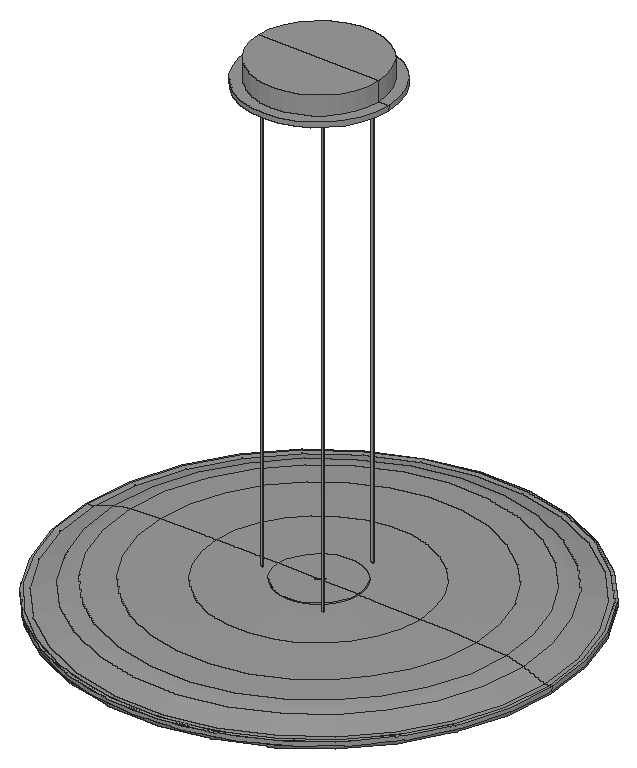
Revit family "Artemide_Silent Field 2.0", category Lighting Fixtures, Revit 2018
Family settings
  Round Connector Dimension = Use Diameter
  Part Type = Normal
  Work Plane-Based = Yes
  Always vertical = Yes
  Cut with Voids When Loaded = No
  Light Source = Yes
  Shared = No
  Room Calculation Point = No
Parameters (values of type "SilentField2.0_Direct+Indirect_3000K_APPCompatible_Black_1013030APP")
  Wattage = 75 W
  built-in parameter 1150110 = 1 (stored number, unit not read)
  Voltage = "-"
  built-in parameter 1114217 = 1 (stored number, unit not read)
  Tilt Angle = 90.00°
  built-in parameter 1150109 = 1 (stored number, unit not read)
  built-in parameter 1150134 = (empty or 0)
  built-in parameter 1150113 = 1 (stored number, unit not read)
  Product Range = "SilentField2.10"
  Photometric Web File = "1013030APP.IES"
  Max Height from ceiling = 2000 mm
  M_HousingStructure = Artemide_PolyesterFiberPET_Black
  M_Housing = Artemide_PolyesterFiberPET_Black
  M_Fixings = Artemide_Aluminum_Anodized
  M_Diffuser = Artemide_Glass_LightBulb
  built-in parameter 1150105 = 6546.9 (stored number, unit not read)
  Lumens = 5276.25 lm
  built-in parameter 1150115 = 1 (stored number, unit not read)
  built-in parameter 1150137 = (empty or 0)
  built-in parameter 1150139 = (empty or 0)
  built-in parameter 1150112 = 1 (stored number, unit not read)
  built-in parameter 1150114 = 1 (stored number, unit not read)
  built-in parameter 1150132 = (empty or 0)
  built-in parameter 1150102 = (empty or 0)
  built-in parameter 1150107 = 3000 (stored number, unit not read)
  built-in parameter 1150138 = (empty or 0)
  built-in parameter 1150106 = 65.469 (stored number, unit not read)
  IfcExportType = "NOT DEFINED"  # constant formula
  IfcExportAs = "IfcLightFixtureType"  # constant formula
  Weekly = "-"
  Warranty ID = "https://cloud.artemide.com/5-years-warranty"
  Upward Component  = 0
  Unified Glare Rating  = "-"
  Uniclass 2015 = "Pr_70_70_48"  # constant formula
  URL to O&M Manual = "https://www.artemide.com/contents/documenti/prodotto/silent_field_2.0_instructions4846988.pdf"
  URL to Energy Technology List = "-"
  Trim Material = "-"
  Trim Finish = "-"
  Trim Colour  = "-"
  Total Power = 0
  Total Light Output  = 0
  Testing method = "-"
  Supply Phase = 0
  Suitable for Photocell Control = "-"
  Suitable for Motion Detector Control = "N"
  Suitable for Dimming  = "Y"
  Suitable Dimmer Type = "Push"
  Standards = "-"
  Shipping Weight = 0
  Service life  = "-"
  Secondary Rated Lamp Life = 0
  Secondary Lamp Voltage = 0
  Secondary Lamp International Type Code = "-"
  Secondary Lamp Initial Lumens  = 0
  Secondary Lamp Included = "-"
  Secondary Lamp Efficacy = 0
  Secondary Lamp Colour Temperature = 0
  Secondary Lamp Colour Rendering Index = 0
  Secondary Lamp Cap = "-"
  Secondary Lamp = "N"
  Responsible Sourcing of Materials = "-"
  Responsible Extraction of Materials = "-"
  Reflector Material = "-"
  Reflector Finish = "-"
  Rated Lamp Life = 50000
  Quarterly = "-"
  Product Model Number = "1013030APP"
  Product Literature = "https://www.artemide.com/en/subfamily/3392064/silent-field-2-0"
  Primary Lamp Type = "LED"
  Power Supply Kit = "-"
  Power Factor = 0
  Photocell = "-"
  Overall Width = 0
  Overall Light Output Ratio = 0
  Overall Length = 1000
  Overall Height = 500
  Output Lumens Indirect light = 0
  Output Lumens Direct light = 5276
  Number of Secondary Lamps = 0
  Number of Primary Lamps = 1
  Number of Poles = 0
  Motion Sensor = "-"
  Motion Detector = "-"
  Monthly = "-"
  Minimum Operating Temperature = 0
  Maximum Operating Temperature = 0
  Material Ingredient Reporting = "-"
  Manufacturer Website = "https://www.artemide.com"
  Manufacturer = "Artemide"
  Maintenance Required: 8001-12000hrs  = "-"
  Maintenance Required: 601-1000hrs = "-"
  Maintenance Required: 4001-8000hrs  = "-"
  Maintenance Required: 301-600hrs  = "-"
  Maintenance Required: 2001-4000hrs  = "-"
  Maintenance Required: 1001-2000hrs  = "-"
  Maintenance Required: 0-300hrs  = "-"
  Luminance at 65deg Angle = 0
  Luminaire Type = "Pendant"
  Luminaire Maintenance Factor = 0
  Luminaire Cleaning Interval  = "-"
  Louvre/Lens = "-"
  Location of Manufacturer = "-"
  Light Output Pattern = "-"
  Light Fixture Mounting Type = "Suspended"
  Life Cycle Analysis = "-"
  Lamp Survival Factor = "-"
  Lamp Replacement Interval = "-"
  Lamp Included = "Y"
  Lamp Holder Material = "-"
  Lamp Cap = "LED Integrated"
  LED lifetime = 118000
  LED Maintained Colour Variation         = 0
  LED Initial Colour Variation                      = 0
  International Type Code = "-"
  Intended Market = "Unset"
  Integral Fuse or Circuit Protection  = "-"
  Integral Emergency Lighting Battery Type = "-"
  Input Lumens Indirect light = 0
  Input Lumens Direct light = 7016.8
  Initial Lumens = 5276
  Infills = "-"
  IP Rating = "IP20"
  IK Rating = "-"
  IES Files  = "https://www.artemide.com/product/downloadFile/4750444/ieseu/4923048"
  Housing Material = "Polyester fibre"
  Housing Finish  = "Welded fabric"
  Housing Colour  = "Black"
  Hazardous Area Protection Type = "-"
  Hazardous Area Category = "-"
  Gross Weight = 8.46
  Green Guide for Specification = "-"
  Gasket Material = "-"
  Frequency  = 0
  Fixings = "-"
  Fixing Material = "-"
  Fire Shroud = "-"
  Fire Rating Duration = 0
  Fire Rated Temperature = 0
  Fire Rated = "-"
  Features = "-"
  Face Width = 0
  Face Shape = "Circular"
  Face Length = 0
  External Control Line Voltage = 0
  Expected Life = "-"
  Environmental Product Declaration = "-"
  End Caps/Transition Caps/Joints = "-"
  Emergency light output percentage = 0
  Emergency Lighting Battery = "-"
  Emergency Charging Power       = 0
  Emergency = "N"
  Embodied Carbon  = 0
  Efficiency = 75
  built-in parameter 1150104 = 6.5357 (stored number, unit not read)
  Earth Point  = "-"
  ENEC Certification of European conformity = "Y"
  Duration of Integral Emergency Lighting  = 0
  Drive Current                                          = 0
  Downward Component = 0
  Distance_LampFromCeilingReal [instance] = if(Distance_LampFromCeiling > Max Height from ceiling, Max Height from ceiling, Distance_LampFromCeiling)  # 200 mm
  Distance_LampFromCeiling [instance] = 200 mm
  Dimming Lamp Color Temperature Shift = <None>
  Diffusing screen = "-"
  Diffuser Material  = "-"
  Diffuser Finish = "-"
  Designed by = "Carlotta de Bevilacqua_Laura Pessoni"
  Default Elevation = 1219.2 mm
  Daylight Sensor = "-"
  Daily = "-"
  Cut Out Width = 0
  Cut Out Length = 0
  Current  = 0
  Control Gear Type = "-"
  Control Gear Standby Power  = 0
  Control Gear Required = "-"
  Control Gear Location = "-"
  Column = "-"
  Colour Temperature = 3000
  Colour Rendering Index = 90
  Color Filter = 16777215
  Cable Material = "-"
  CE Approval = "YES"
  Bespoke Timeframe = "-"
  Beam Angle Transverse Axis  = 0.00°
  Beam Angle Longditudinal Axis  = 0.00°
  Basis of lifetime luminaire failures        = 0
  Basis of lifetime lumen depreciation   = 0
  built-in parameter 1114218 = 1 (stored number, unit not read)
  built-in parameter 1150133 = 10 (stored number, unit not read)
  Application Environment = "Internal"
  Annually = "-"
  Ambient Temperature                             = 0
  Air Handling = "-"
  Access Clearance Top = 0
  Access Clearance Right = 0
  Access Clearance Rear = 0
  Access Clearance Left = 0
  Access Clearance Front = 0
  Access Clearance Bottom = 0
  6 Monthly = "-"
Types (12, lengths in mm): name | Wattage | Product Range | Photometric Web File | M_Housing | built-in parameter 1150105 | Lumens | built-in parameter 1150106 | URL to O&M Manual | Rated Lamp Life | Product Model Number | Output Lumens Direct light | Input Lumens Direct light | Initial Lumens | IES Files  | Housing Colour  | Gross Weight | Efficiency | built-in parameter 1150104
  SilentField2.0_Direct_3000K_White_1014020A | 35 W | "SilentField2.3" | "1014020A.IES" | Artemide_PolyesterFiberPET_White | 165.89 (stored number, unit not read) | 2084.6 lm | 1.6589 (stored number, unit not read) | "https://www.artemide.com/contents/documenti/prodotto/silent_field_2.0_instructions4800849.pdf" | 118000 | "1014020A" | 2085 | 3270 | 2085 | "https://www.artemide.com/product/downloadFile/4747883/ieseu/4923042" | "White" | 7.8 | 64 | 5.5333 (stored number, unit not read)
  SilentField2.0_Direct_3000K_Orange_1014040A | 35 W | "SilentField2.4" | "1014040A.IES" | Artemide_PolyesterFiberPET_Orange | 165.89 (stored number, unit not read) | 2084.6 lm | 1.6589 (stored number, unit not read) | "https://www.artemide.com/contents/documenti/prodotto/silent_field_2.0_instructions4800851.pdf" | 118000 | "1014040A" | 2085 | 3270 | 2085 | "https://www.artemide.com/product/downloadFile/4747884/ieseu/4923045" | "Orange" | 7.8 | 64 | 5.5333 (stored number, unit not read)
  SilentField2.0_Direct_3000K_Black_1014030A | 35 W | "SilentField2.5" | "1014030A.IES" | Artemide_PolyesterFiberPET_Black | 165.89 (stored number, unit not read) | 2084.6 lm | 1.6589 (stored number, unit not read) | "https://www.artemide.com/contents/documenti/prodotto/silent_field_2.0_instructions4800853.pdf" | 118000 | "1014030A" | 2085 | 3270 | 2085 | "https://www.artemide.com/product/downloadFile/4747885/ieseu/4923046" | "Black" | 7.8 | 64 | 5.5333 (stored number, unit not read)
  SilentField2.0_Direct+Indirect_3000K_White_1013020A | 75 W | "SilentField2.0" | "1013020A.IES" | Artemide_PolyesterFiberPET_White | 6546.9 (stored number, unit not read) | 5276.25 lm | 65.469 (stored number, unit not read) | "https://www.artemide.com/contents/documenti/prodotto/silent_field_2.0_instructions4800848.pdf" | 50000 | "1013020A" | 5276 | 7016.8 | 5276 | "https://www.artemide.com/product/downloadFile/4746567/ieseu/4923052" | "White" | 8.46 | 75 | 6.5357 (stored number, unit not read)
  SilentField2.0_Direct+Indirect_3000K_Orange_1013040A | 75 W | "SilentField2.1" | "1013040A.IES" | Artemide_PolyesterFiberPET_Orange | 6546.9 (stored number, unit not read) | 5276.25 lm | 65.469 (stored number, unit not read) | "https://www.artemide.com/contents/documenti/prodotto/silent_field_2.0_instructions4800851.pdf" | 50000 | "1013040A" | 5276 | 7016.8 | 5276 | "https://www.artemide.com/product/downloadFile/4747884/ieseu/4923045" | "Orange" | 8.46 | 75 | 6.5357 (stored number, unit not read)
  SilentField2.0_Direct+Indirect_3000K_Black_1013030A | 75 W | "SilentField2.2" | "1013030A.IES" | Artemide_PolyesterFiberPET_Black | 6546.9 (stored number, unit not read) | 5276.25 lm | 65.469 (stored number, unit not read) | "https://www.artemide.com/contents/documenti/prodotto/silent_field_2.0_instructions4800852.pdf" | 50000 | "1013030A" | 5276 | 7016.8 | 5276 | "https://www.artemide.com/product/downloadFile/4746569/ieseu/4923050" | "Black" | 8.46 | 75 | 6.5357 (stored number, unit not read)
  SilentField2.0_Direct_3000K_APPCompatible_White_1014020APP | 35 W | "SilentField2.7" | "1014020APP.IES" | Artemide_PolyesterFiberPET_White | 165.89 (stored number, unit not read) | 2084.6 lm | 1.6589 (stored number, unit not read) | "https://www.artemide.com/contents/documenti/prodotto/silent_field_2.0_instructions4846961.pdf" | 118000 | "1014020APP" | 2085 | 3270 | 2085 | "https://www.artemide.com/product/downloadFile/4750441/ieseu/4923047" | "White" | 7.8 | 64 | 5.5333 (stored number, unit not read)
  SilentField2.0_Direct_3000K_APPCompatible_Orange_1014040APP | 35 W | "SilentField2.9" | "1014040APP.IES" | Artemide_PolyesterFiberPET_Orange | 165.89 (stored number, unit not read) | 2084.6 lm | 1.6589 (stored number, unit not read) | "https://www.artemide.com/contents/documenti/prodotto/silent_field_2.0_instructions4846979.pdf" | 118000 | "1014040APP" | 2085 | 3270 | 2085 | "https://www.artemide.com/product/downloadFile/4750443/ieseu/4923043" | "Orange" | 7.8 | 64 | 5.5333 (stored number, unit not read)
  SilentField2.0_Direct_3000K_APPCompatible_Black_1014030APP | 35 W | "SilentField2.11" | "1014030APP.IES" | Artemide_PolyesterFiberPET_Black | 165.89 (stored number, unit not read) | 2084.6 lm | 1.6589 (stored number, unit not read) | "https://www.artemide.com/contents/documenti/prodotto/silent_field_2.0_instructions4846997.pdf" | 118000 | "1014030APP" | 2085 | 3270 | 2085 | "https://www.artemide.com/product/downloadFile/4750445/ieseu/4923049" | "Black" | 7.8 | 64 | 5.5333 (stored number, unit not read)
  SilentField2.0_Direct+Indirect_3000K_APPCompatible_White_1013020APP | 75 W | "SilentField2.6" | "1013020APP.IES" | Artemide_PolyesterFiberPET_White | 6546.9 (stored number, unit not read) | 5276.25 lm | 65.469 (stored number, unit not read) | "https://www.artemide.com/contents/documenti/prodotto/silent_field_2.0_instructions4846952.pdf" | 50000 | "1013020APP" | 5276 | 7016.8 | 5276 | "https://www.artemide.com/product/downloadFile/4750440/ieseu/4923044" | "White" | 8.46 | 75 | 6.5357 (stored number, unit not read)
  SilentField2.0_Direct+Indirect_3000K_APPCompatible_Orange_1013040APP | 75 W | "SilentField2.8" | "1013040APP.IES" | Artemide_PolyesterFiberPET_Orange | 6546.9 (stored number, unit not read) | 5276.25 lm | 65.469 (stored number, unit not read) | "https://www.artemide.com/contents/documenti/prodotto/silent_field_2.0_instructions4846970.pdf" | 50000 | "1013040APP" | 5276 | 7016.8 | 5276 | "https://www.artemide.com/product/downloadFile/4750442/ieseu/4923041" | "Orange" | 8.46 | 75 | 6.5357 (stored number, unit not read)
  SilentField2.0_Direct+Indirect_3000K_APPCompatible_Black_1013030APP | 75 W | "SilentField2.10" | "1013030APP.IES" | Artemide_PolyesterFiberPET_Black | 6546.9 (stored number, unit not read) | 5276.25 lm | 65.469 (stored number, unit not read) | "https://www.artemide.com/contents/documenti/prodotto/silent_field_2.0_instructions4846988.pdf" | 50000 | "1013030APP" | 5276 | 7016.8 | 5276 | "https://www.artemide.com/product/downloadFile/4750444/ieseu/4923048" | "Black" | 8.46 | 75 | 6.5357 (stored number, unit not read)
Reference planes
  plane 1 "Center (Front/Back)": y = 0
  plane 2: z = 0
  plane 3 "Center (Left/Right)": x = 0
  plane 4 "Top Lamp": z = -200
  plane 5: z = -7.844
  plane 6: z = -9.844
  plane 7: z = -206.3
  plane 8 "Bottom Lamp": z = -209.7
  plane 9: x = -25.654
  plane 10: x = -96.956
  plane 11: x = -100.065
  plane 12: x = 25.654
  plane 13: x = 96.956
  plane 14: x = 100.065
  plane 15: x = -30.127
  plane 16: x = 30.127
  plane 17: x = -20.932
  plane 18: y = -4.327
  plane 19: x = 6.612
  plane 20: y = 20.473
  plane 21: x = 14.319
  plane 22: y = -15.781
  plane 23: x = -17
  plane 24 "Center L/U": z = -219.7
  plane 25 "Center L/W": z = -209.2
  plane 26 "Light": z = -207.3
  plane 27 "Center L/X": z = -204
Forms (mm)
  Revolve 1, solid, material "Artemide_Aluminum_Anodized" <- "M_Fixings"
    sketch origin (0, 0, 0) x (1, 0, 0) y (0, 0, 1)
      loop
        line (-25.654, 0) -> (-25.654, -7.844) -> (-30.127, -7.844) -> (-30.127, -9.844) -> (0, -9.844) -> (0, 0) -> (-25.654, 0)
      axis (0, 0) -> (0, -9.844)
    angle from 0 to 360
  Extrusion 2, solid, material "Artemide_Aluminum_Anodized" <- "M_Fixings"
    sketch origin (0, 0, -200) x (-1, 0, 0) y (0, -1, 0)
      loop
        circle (20.932, 4.327) r 0.4
    from -6.3 to 190.156
  Extrusion 3, solid, material "Artemide_Aluminum_Anodized" <- "M_Fixings"
    sketch origin (27.544, 24.801, -200) x (-1, 0, 0) y (0, -1, 0)
      loop
        circle (20.932, 4.327) r 0.4
    from -6.3 to 190.156
  Extrusion 4, solid, material "Artemide_Aluminum_Anodized" <- "M_Fixings"
    sketch origin (35.252, -11.454, -200) x (-1, 0, 0) y (0, -1, 0)
      loop
        circle (20.932, 4.327) r 0.4
    from -6.3 to 190.156
  Revolve 5, solid, material "Artemide_PolyesterFiberPET_Black" <- "M_HousingStructure"
    sketch origin (0, 0, 0) x (1, 0, 0) y (0, 0, 1)
      loop
        spline (0, -200.16) -> (-3.715, -200.162) -> (-7.427, -200.168) -> (-11.132, -200.177) -> (-14.827, -200.19) -> (-18.507, -200.208) -> (-22.169, -200.228) -> (-25.811, -200.253) -> (-29.427, -200.282) -> (-33.016, -200.314) -> (-36.572, -200.35) -> (-40.094, -200.389) -> (-43.578, -200.432)
        spline (-43.578, -200.432) -> (-45.69, -200.46) -> (-47.787, -200.49) -> (-49.866, -200.521) -> (-51.927, -200.553) -> (-53.97, -200.586) -> (-55.993, -200.621) -> (-57.996, -200.657) -> (-59.978, -200.694) -> (-61.939, -200.733) -> (-63.877, -200.772) -> (-65.793, -200.813) -> (-67.685, -200.855)
        arc (-67.685, -200.855) -> (-74.124, -201.085) -> (-80.555, -201.493) r 232.862
        arc (-80.555, -201.493) -> (-84.191, -202.018) -> (-87.726, -203.017) r 27.797
        line (-87.726, -203.017) -> (-96.956, -206.3) -> (0, -206.3) -> (0, -200.16)
      axis (0, -200.16) -> (0, -206.3)
    angle from 0 to 360
  Revolve 6, solid, material "Artemide_PolyesterFiberPET_Black" <- "M_Housing"
    sketch origin (0, 0, 0) x (1, 0, 0) y (0, 0, 1)
      loop
        line (0, -206.3) -> (-99.068, -206.3) -> (-100.065, -206.499) -> (-100.065, -208.206)
        arc (-100.065, -208.206) -> (-99.627, -209.262) -> (-98.571, -209.7) r 1.494
        line (-98.571, -209.7) -> (0, -209.7) -> (0, -206.3)
      axis (0, -206.3) -> (0, -209.7)
    angle from 0 to 360
  Extrusion 7, void
    sketch origin (0, 0, -200) x (-1, 0, 0) y (0, -1, 0)
      loop
        spline (43.598, -61.494) -> (42.487, -60.047) -> (41.039, -58.937) -> (39.352, -58.24) -> (37.541, -58.004) -> (35.73, -58.243) -> (34.042, -58.943) -> (32.592, -60.055) -> (31.479, -61.504) -> (30.779, -63.19) -> (30.539, -64.999) -> (30.776, -66.808) -> (31.473, -68.494)
        spline (31.473, -68.494) -> (32.584, -69.941) -> (34.032, -71.05) -> (35.719, -71.747) -> (37.53, -71.984) -> (39.341, -71.744) -> (41.029, -71.045) -> (42.479, -69.933) -> (43.592, -68.484) -> (44.292, -66.798) -> (44.532, -64.988) -> (44.295, -63.179) -> (43.598, -61.494)
      loop
        spline (75.06, 7) -> (73.251, 6.761) -> (71.566, 6.062) -> (70.119, 4.95) -> (69.009, 3.5) -> (68.311, 1.812) -> (68.073, 0) -> (68.311, -1.812) -> (69.009, -3.5) -> (70.119, -4.95) -> (71.566, -6.062) -> (73.251, -6.761) -> (75.06, -7)
        spline (75.06, -7) -> (76.868, -6.761) -> (78.553, -6.062) -> (80, -4.95) -> (81.111, -3.5) -> (81.809, -1.812) -> (82.047, 0) -> (81.809, 1.812) -> (81.111, 3.5) -> (80, 4.95) -> (78.553, 6.062) -> (76.868, 6.761) -> (75.06, 7)
      loop
        spline (7.011, -50.007) -> (6.773, -48.196) -> (6.074, -46.507) -> (4.961, -45.058) -> (3.511, -43.946) -> (1.823, -43.246) -> (0.011, -43.008) -> (-1.8, -43.246) -> (-3.489, -43.946) -> (-4.938, -45.058) -> (-6.051, -46.507) -> (-6.75, -48.196) -> (-6.989, -50.007)
        spline (-6.989, -50.007) -> (-6.75, -51.819) -> (-6.051, -53.507) -> (-4.938, -54.956) -> (-3.489, -56.069) -> (-1.8, -56.768) -> (0.011, -57.006) -> (1.823, -56.768) -> (3.511, -56.069) -> (4.961, -54.956) -> (6.074, -53.507) -> (6.773, -51.819) -> (7.011, -50.007)
      loop
        spline (-31.451, -68.494) -> (-30.753, -66.808) -> (-30.516, -64.999) -> (-30.756, -63.19) -> (-31.456, -61.504) -> (-32.569, -60.055) -> (-34.019, -58.943) -> (-35.707, -58.243) -> (-37.518, -58.004) -> (-39.329, -58.24) -> (-41.016, -58.937) -> (-42.464, -60.047) -> (-43.575, -61.494)
        spline (-43.575, -61.494) -> (-44.273, -63.179) -> (-44.51, -64.988) -> (-44.27, -66.798) -> (-43.569, -68.484) -> (-42.456, -69.933) -> (-41.006, -71.045) -> (-39.318, -71.744) -> (-37.507, -71.984) -> (-35.696, -71.747) -> (-34.01, -71.05) -> (-32.561, -69.941) -> (-31.451, -68.494)
      loop
        spline (-75.037, -7) -> (-73.229, -6.761) -> (-71.544, -6.062) -> (-70.097, -4.95) -> (-68.986, -3.5) -> (-68.288, -1.812) -> (-68.05, 0) -> (-68.288, 1.812) -> (-68.986, 3.5) -> (-70.097, 4.95) -> (-71.544, 6.062) -> (-73.229, 6.761) -> (-75.037, 7)
        spline (-75.037, 7) -> (-76.845, 6.761) -> (-78.531, 6.062) -> (-79.978, 4.95) -> (-81.088, 3.5) -> (-81.786, 1.812) -> (-82.024, 0) -> (-81.786, -1.812) -> (-81.088, -3.5) -> (-79.978, -4.95) -> (-78.531, -6.062) -> (-76.845, -6.761) -> (-75.037, -7)
      loop
        spline (-46.796, 18.941) -> (-45.108, 18.242) -> (-43.296, 18.004) -> (-41.485, 18.242) -> (-39.797, 18.942) -> (-38.347, 20.054) -> (-37.235, 21.504) -> (-36.535, 23.192) -> (-36.297, 25.004) -> (-36.535, 26.816) -> (-37.234, 28.504) -> (-38.346, 29.953) -> (-39.796, 31.066)
        spline (-39.796, 31.066) -> (-41.484, 31.765) -> (-43.296, 32.003) -> (-45.107, 31.765) -> (-46.795, 31.065) -> (-48.245, 29.953) -> (-49.357, 28.503) -> (-50.057, 26.815) -> (-50.295, 25.003) -> (-50.057, 23.191) -> (-49.358, 21.503) -> (-48.246, 20.054) -> (-46.796, 18.941)
      loop
        spline (-43.575, 61.494) -> (-42.464, 60.047) -> (-41.016, 58.937) -> (-39.329, 58.24) -> (-37.518, 58.004) -> (-35.707, 58.243) -> (-34.019, 58.943) -> (-32.569, 60.055) -> (-31.456, 61.504) -> (-30.756, 63.19) -> (-30.516, 64.999) -> (-30.753, 66.808) -> (-31.451, 68.494)
        spline (-31.451, 68.494) -> (-32.561, 69.941) -> (-34.01, 71.05) -> (-35.696, 71.747) -> (-37.507, 71.984) -> (-39.318, 71.744) -> (-41.006, 71.045) -> (-42.456, 69.933) -> (-43.569, 68.484) -> (-44.27, 66.798) -> (-44.51, 64.988) -> (-44.273, 63.179) -> (-43.575, 61.494)
      loop
        spline (31.473, 68.494) -> (30.776, 66.808) -> (30.539, 64.999) -> (30.779, 63.19) -> (31.479, 61.504) -> (32.592, 60.055) -> (34.042, 58.943) -> (35.73, 58.243) -> (37.541, 58.004) -> (39.352, 58.24) -> (41.039, 58.937) -> (42.487, 60.047) -> (43.598, 61.494)
        spline (43.598, 61.494) -> (44.295, 63.179) -> (44.532, 64.988) -> (44.292, 66.798) -> (43.592, 68.484) -> (42.479, 69.933) -> (41.029, 71.045) -> (39.341, 71.744) -> (37.53, 71.984) -> (35.719, 71.747) -> (34.032, 71.05) -> (32.584, 69.941) -> (31.473, 68.494)
      loop
        spline (39.819, 31.066) -> (38.369, 29.953) -> (37.257, 28.504) -> (36.558, 26.816) -> (36.319, 25.004) -> (36.558, 23.192) -> (37.257, 21.504) -> (38.37, 20.054) -> (39.819, 18.942) -> (41.508, 18.242) -> (43.319, 18.004) -> (45.131, 18.242) -> (46.819, 18.941)
        spline (46.819, 18.941) -> (48.268, 20.054) -> (49.381, 21.503) -> (50.08, 23.191) -> (50.318, 25.003) -> (50.08, 26.815) -> (49.38, 28.503) -> (48.268, 29.953) -> (46.818, 31.065) -> (45.13, 31.765) -> (43.318, 32.003) -> (41.507, 31.765) -> (39.819, 31.066)
      loop
        spline (21.651, -5.6) -> (19.842, -5.839) -> (18.157, -6.538) -> (16.71, -7.65) -> (15.6, -9.1) -> (14.902, -10.788) -> (14.664, -12.6) -> (14.902, -14.412) -> (15.6, -16.1) -> (16.71, -17.55) -> (18.157, -18.662) -> (19.842, -19.361) -> (21.651, -19.6)
        spline (21.651, -19.6) -> (23.459, -19.361) -> (25.144, -18.662) -> (26.591, -17.55) -> (27.702, -16.1) -> (28.4, -14.412) -> (28.638, -12.6) -> (28.4, -10.788) -> (27.702, -9.1) -> (26.591, -7.65) -> (25.144, -6.538) -> (23.459, -5.839) -> (21.651, -5.6)
      loop
        spline (5.976, 21.55) -> (6.673, 23.235) -> (6.91, 25.044) -> (6.67, 26.854) -> (5.97, 28.54) -> (4.857, 29.989) -> (3.407, 31.101) -> (1.719, 31.801) -> (-0.092, 32.04) -> (-1.903, 31.803) -> (-3.59, 31.107) -> (-5.038, 29.997) -> (-6.149, 28.55)
        spline (-6.149, 28.55) -> (-6.846, 26.865) -> (-7.083, 25.056) -> (-6.843, 23.246) -> (-6.143, 21.56) -> (-5.03, 20.111) -> (-3.58, 18.999) -> (-1.892, 18.299) -> (-0.081, 18.06) -> (1.73, 18.297) -> (3.417, 18.993) -> (4.865, 20.103) -> (5.976, 21.55)
      loop
        spline (-21.651, -5.6) -> (-23.459, -5.839) -> (-25.144, -6.538) -> (-26.591, -7.65) -> (-27.702, -9.1) -> (-28.4, -10.788) -> (-28.638, -12.6) -> (-28.4, -14.412) -> (-27.702, -16.1) -> (-26.591, -17.55) -> (-25.144, -18.662) -> (-23.459, -19.361) -> (-21.651, -19.6)
        spline (-21.651, -19.6) -> (-19.842, -19.361) -> (-18.157, -18.662) -> (-16.71, -17.55) -> (-15.6, -16.1) -> (-14.902, -14.412) -> (-14.664, -12.6) -> (-14.902, -10.788) -> (-15.6, -9.1) -> (-16.71, -7.65) -> (-18.157, -6.538) -> (-19.842, -5.839) -> (-21.651, -5.6)
      loop
        circle (0, 0) r 17
    from -6.3 to -4
  Revolve 8, solid, material "Artemide_PolyesterFiberPET_Black" <- "M_HousingStructure"
    sketch origin (0, 0, 0) x (1, 0, 0) y (0, 0, 1)
      loop
        line (0, -200) -> (-17, -200) -> (-17, -206.3) -> (0, -206.3) -> (0, -200)
      axis (0, -200) -> (0, -206.3)
    angle from 0 to 360
  Extrusion 9, void
    sketch origin (0, 0, -209.7) x (-1, 0, 0) y (0, -1, 0)
      loop
        circle (77.517, -44.782) r 2.903
      loop
        circle (68.855, -29.779) r 2.903
      loop
        circle (60.213, -44.746) r 2.903
      loop
        circle (39.496, -51.08) r 2.903
      loop
        circle (24.525, -59.724) r 2.903
      loop
        circle (63.899, -8.635) r 2.903
      loop
        circle (8.649, -74.528) r 2.903
      loop
        circle (0, -89.509) r 2.903
      loop
        circle (26.171, -27.416) r 2.903
      loop
        circle (-77.517, -44.782) r 2.903
      loop
        circle (-68.855, -29.779) r 2.903
      loop
        circle (-60.213, -44.746) r 2.903
      loop
        circle (-39.496, -51.08) r 2.903
      loop
        circle (-24.525, -59.724) r 2.903
      loop
        circle (-63.899, -8.635) r 2.903
      loop
        circle (-8.649, -74.528) r 2.903
      loop
        circle (77.517, 44.782) r 2.903
      loop
        circle (68.855, 29.779) r 2.903
      loop
        circle (60.213, 44.746) r 2.903
      loop
        circle (39.496, 51.08) r 2.903
      loop
        circle (24.525, 59.724) r 2.903
      loop
        circle (63.899, 8.635) r 2.903
      loop
        circle (8.649, 74.528) r 2.903
      loop
        circle (0, 89.509) r 2.903
      loop
        circle (10.719, 36.264) r 2.903
      loop
        circle (-77.517, 44.782) r 2.903
      loop
        circle (-68.855, 29.779) r 2.903
      loop
        circle (-60.213, 44.746) r 2.903
      loop
        circle (-39.496, 51.08) r 2.903
      loop
        circle (-24.525, 59.724) r 2.903
      loop
        circle (-63.899, 8.635) r 2.903
      loop
        circle (-8.649, 74.528) r 2.903
      loop
        circle (-36.769, -8.635) r 2.903
      loop
        circle (57.438, -59.664) r 3.962
      loop
        circle (80.404, -19.886) r 3.962
      loop
        circle (22.89, -79.444) r 3.962
      loop
        circle (10.609, -33.612) r 3.962
      loop
        circle (9.627, -5.489) r 3.962
      loop
        circle (34.487, 7.729) r 3.962
      loop
        circle (80.321, 20.01) r 3.962
      loop
        circle (24.014, 25.928) r 3.962
      loop
        circle (22.787, 79.476) r 3.962
      loop
        circle (-22.969, 79.476) r 3.962
      loop
        circle (-57.337, 59.633) r 3.962
      loop
        circle (-80.308, 19.847) r 3.962
      loop
        circle (-23.919, 25.774) r 3.962
      loop
        circle (0, 11.402) r 3.962
      loop
        circle (-9.612, -5.489) r 3.962
      loop
        circle (-34.479, 7.733) r 3.962
      loop
        circle (-80.225, -19.754) r 3.962
      loop
        circle (-57.216, -59.608) r 3.962
      loop
        circle (-22.887, -79.452) r 3.962
      loop
        circle (57.236, -19.852) r 5.285
      loop
        circle (45.77, -39.712) r 5.285
      loop
        circle (57.37, 19.967) r 5.285
      loop
        circle (44.718, 26.138) r 5.285
      loop
        circle (45.93, 39.99) r 5.285
      loop
        circle (11.445, 59.677) r 5.285
      loop
        circle (-11.414, 59.677) r 5.285
      loop
        circle (-46.055, 39.677) r 5.285
      loop
        circle (-44.827, 25.646) r 5.285
      loop
        circle (-57.482, 19.745) r 5.285
      loop
        circle (-57.482, -19.78) r 5.285
      loop
        circle (-45.852, -39.924) r 5.285
      loop
        circle (-11.485, -59.766) r 5.285
      loop
        circle (0, -51.724) r 5.285
      loop
        circle (11.478, -59.761) r 5.285
      loop
        circle (57.489, 59.556) r 3.962
      loop
        circle (45.722, 0) r 6.318
      loop
        circle (28.968, -16.754) r 6.318
      loop
        circle (22.988, 0) r 6.318
      loop
        circle (11.493, -19.91) r 6.318
      loop
        circle (23.022, -39.879) r 6.318
      loop
        circle (11.368, 20.077) r 6.318
      loop
        circle (22.856, 39.976) r 6.318
      loop
        circle (-45.722, 0) r 6.318
      loop
        circle (-28.968, -16.754) r 6.318
      loop
        circle (-22.988, 0) r 6.318
      loop
        circle (-11.493, -19.91) r 6.318
      loop
        circle (-23.022, -39.879) r 6.318
      loop
        circle (-11.368, 20.077) r 6.318
      loop
        circle (-22.856, 39.976) r 6.318
      loop
        circle (0, 33.154) r 6.318
      loop
        circle (-10.609, -33.612) r 3.962
    from -10 to 0.5
  Extrusion 10, void
    sketch origin (0, 0, -209.7) x (-1, 0, 0) y (0, -1, 0)
      loop
        circle (75.009, 0) r 4.313
      loop
        circle (37.5, 64.952) r 4.31
      loop
        circle (0, 50) r 4.31
      loop
        circle (21.651, 12.5) r 4.31
      loop
        circle (43.301, -25) r 4.31
      loop
        circle (37.5, -64.952) r 4.31
      loop
        circle (-37.5, -64.952) r 4.31
      loop
        circle (0, -25) r 4.31
      loop
        circle (-43.311, -24.993) r 4.31
      loop
        circle (-21.651, 12.5) r 4.31
      loop
        circle (-37.509, 64.958) r 4.31
      loop
        circle (-75, 0) r 4.31
    from -10 to 3.4
  Extrusion 11, solid, material "Artemide_Glass_LightBulb" <- "M_Diffuser"
    sketch origin (0, 0, -209.7) x (-1, 0, 0) y (0, -1, 0)
      loop
        circle (75.009, 0) r 4.313
      loop
        circle (37.5, 64.952) r 4.31
      loop
        circle (0, 50) r 4.31
      loop
        circle (21.651, 12.5) r 4.31
      loop
        circle (43.301, -25) r 4.31
      loop
        circle (37.5, -64.952) r 4.31
      loop
        circle (-37.5, -64.952) r 4.31
      loop
        circle (0, -25) r 4.31
      loop
        circle (-43.311, -24.993) r 4.31
      loop
        circle (-21.651, 12.5) r 4.31
      loop
        circle (-37.509, 64.958) r 4.31
      loop
        circle (-75, 0) r 4.31
    from 2.4 to 3.4
Cuts and joins
  Extrusion 7 cuts Revolve 5
  Extrusion 9, Extrusion 10 cuts Revolve 6
Dimensions and locks
  "Distance_LampFromCeilingReal": plane 2 to plane 4 "Top Lamp"
  plane 2 to plane 5 to plane 6 = 7.844 mm locked, 2 mm locked
  plane 4 "Top Lamp" to plane 7 to plane 8 "Bottom Lamp" to plane 24 "Center L/U" = 6.3 mm locked, 3.4 mm locked, 10 mm locked
  plane 9 to plane 3 "Center (Left/Right)" = 25.654 mm
  plane 11 to plane 10 to plane 15 to plane 9 to plane 3 "Center (Left/Right)" = 3.109 mm locked, 66.829 mm locked, 4.473 mm locked, 25.654 mm locked
  plane 14 to plane 13 to plane 16 to plane 12 to plane 3 "Center (Left/Right)" = 3.109 mm locked, 66.829 mm locked, 4.473 mm locked, 25.654 mm locked
  locked: plane 9 to plane 17 at 4.722
  locked: plane 1 "Center (Front/Back)" to plane 18 at 4.327
  locked: plane 3 "Center (Left/Right)" to plane 19 at 6.612
  locked: plane 20 to plane 1 "Center (Front/Back)" at 20.473
  locked: plane 3 "Center (Left/Right)" to plane 21 at 14.319
  locked: plane 1 "Center (Front/Back)" to plane 22 at 15.781
  locked: plane 23 to plane 3 "Center (Left/Right)" at 17
  locked: plane 25 "Center L/W" to plane 8 "Bottom Lamp" at 0.5
  locked: plane 7 to plane 26 "Light" at 1
  locked: plane 4 "Top Lamp" to plane 27 "Center L/X" at 4
  aligned and locked: level to plane 2
  aligned and locked: plane 2 to Revolve 1 sketch curve
  aligned and locked: plane 9 to Revolve 1 sketch curve
  aligned and locked: plane 5 to Revolve 1 sketch curve
  aligned and locked: plane 15 to Revolve 1 sketch curve
  aligned and locked: Revolve 1 sketch curve to plane 6
  aligned and locked: plane 3 "Center (Left/Right)" to Revolve 1 sketch curve
  aligned and locked: Revolve 1 sketch curve to plane 3 "Center (Left/Right)"
  aligned and locked: plane 17 to Extrusion 2 sketch curve
  aligned and locked: plane 18 to Extrusion 2 sketch curve
  aligned and locked: plane 6 to Extrusion 2
  aligned and locked: plane 19 to Extrusion 3 sketch curve
  aligned and locked: plane 20 to Extrusion 3 sketch curve
  aligned and locked: plane 21 to Extrusion 4 sketch curve
  aligned and locked: plane 22 to Extrusion 4 sketch curve
  aligned and locked: plane 6 to Extrusion 3
  aligned and locked: plane 6 to Extrusion 4
  aligned and locked: Revolve 5 sketch curve to plane 3 "Center (Left/Right)"  (x2)
  aligned and locked: plane 7 to Revolve 5 sketch curve  (x2)
  aligned and locked: plane 11 to Revolve 6 sketch curve
  aligned and locked: Revolve 6 sketch curve to plane 8 "Bottom Lamp"
  aligned and locked: plane 7 to Revolve 6 sketch curve
  aligned and locked: plane 3 "Center (Left/Right)" to Revolve 6 sketch curve
  aligned and locked: Revolve 6 sketch curve to plane 3 "Center (Left/Right)"
  aligned and locked: Extrusion 2 to plane 7
  aligned and locked: Extrusion 3 to plane 7
  aligned and locked: Extrusion 4 to plane 7
  aligned and locked: Extrusion 7 to plane 7
  aligned and locked: plane 4 "Top Lamp" to Revolve 8 sketch curve
  aligned and locked: Revolve 8 sketch curve to plane 7
  aligned and locked: plane 3 "Center (Left/Right)" to Revolve 8 sketch curve
  aligned and locked: Revolve 8 sketch curve to plane 3 "Center (Left/Right)"
  aligned and locked: plane 23 to Revolve 8 sketch curve
  aligned and locked: Extrusion 9 to plane 24 "Center L/U"
  aligned and locked: plane 25 "Center L/W" to Extrusion 9
  aligned and locked: plane 7 to Extrusion 10
  aligned and locked: Extrusion 10 to plane 24 "Center L/U"
  aligned and locked: Extrusion 11 to plane 26 "Light"
  aligned and locked: plane 7 to Extrusion 11
  aligned and locked: imposter light to plane 1 "Center (Front/Back)"
  aligned and locked: plane 3 "Center (Left/Right)" to imposter light
  aligned and locked: plane 26 "Light" to imposter light
  aligned and locked: plane 27 "Center L/X" to Extrusion 7
Automatic sketch dimensions
  Revolve 1 sketch curve to plane 8 "Bottom Lamp" = 2990.464 mm
  level to Revolve 1 sketch curve = 2214.315 mm
  plane 15 to Revolve 5 sketch curve = 32.473 mm
  Revolve 5 sketch curve to plane 10 = 18.544 mm
  Revolve 5 sketch curve to plane 4 "Top Lamp" = 3.017 mm
  Revolve 5 sketch curve to plane 10 = 9.23 mm
  plane 10 to Revolve 5 sketch curve = 0 mm
  Revolve 5 sketch curve to plane 8 "Bottom Lamp" = 19.507 mm
  Revolve 5 sketch curve to Revolve 5 sketch curve = 204.455 mm
  Revolve 5 sketch curve to plane 3 "Center (Left/Right)" = 0.068 mm
  Revolve 5 sketch curve to Revolve 5 sketch curve = 0 mm  (x3)
  Revolve 5 sketch curve to plane 4 "Top Lamp" = 0.432 mm
  plane 15 to Revolve 5 sketch curve = 13.451 mm
  Revolve 5 sketch curve to Revolve 5 sketch curve = 12.871 mm
  plane 7 to Revolve 5 sketch curve = 2.14 mm
  Revolve 5 sketch curve to Revolve 5 sketch curve = 2766.502 mm
  level to Revolve 5 sketch curve = 2214.315 mm
  Revolve 6 sketch curve to plane 11 = 0.997 mm
  Revolve 6 sketch curve to plane 11 = 1.494 mm
  Revolve 6 sketch curve to plane 7 = 0.199 mm
  Revolve 6 sketch curve to Revolve 6 sketch curve = 2990.464 mm
  level to Revolve 6 sketch curve = 2214.315 mm
  Revolve 5 sketch curve to plane 4 "Top Lamp" = 0.16 mm
  plane 1 "Center (Front/Back)" to Extrusion 7 sketch curve = 0 mm  (x3)
  Extrusion 7 sketch curve to plane 3 "Center (Left/Right)" = 0 mm
  plane 3 "Center (Left/Right)" to Extrusion 7 sketch curve = 0.087 mm
  Extrusion 7 sketch curve to plane 12 = 4.004 mm
  plane 16 to Extrusion 7 sketch curve = 1.324 mm
  plane 16 to Extrusion 7 sketch curve = 7.386 mm
  Extrusion 7 sketch curve to Extrusion 7 sketch curve = 6.062 mm  (x4)
  plane 16 to Extrusion 7 sketch curve = 13.169 mm
  Extrusion 7 sketch curve to plane 22 = 3.16 mm
  Extrusion 7 sketch curve to Extrusion 7 sketch curve = 3.5 mm  (x2)
  Extrusion 7 sketch curve to plane 1 "Center (Front/Back)" = 7 mm
  Extrusion 7 sketch curve to plane 13 = 21.919 mm
  Extrusion 7 sketch curve to plane 3 "Center (Left/Right)" = 0.011 mm
  Extrusion 7 sketch curve to plane 3 "Center (Left/Right)" = 5.976 mm
  Extrusion 7 sketch curve to Extrusion 7 sketch curve = 7 mm  (x3)
  plane 17 to Extrusion 7 sketch curve = 0.718 mm
  plane 15 to Extrusion 7 sketch curve = 1.347 mm
  plane 15 to Extrusion 7 sketch curve = 7.409 mm
  plane 15 to Extrusion 7 sketch curve = 9.692 mm
  Extrusion 7 sketch curve to plane 10 = 21.896 mm
  Extrusion 7 sketch curve to plane 1 "Center (Front/Back)" = 5.6 mm  (x2)
  plane 20 to Extrusion 7 sketch curve = 29.534 mm
  Extrusion 7 sketch curve to Extrusion 7 sketch curve = 11.487 mm
  Extrusion 7 sketch curve to Extrusion 7 sketch curve = 14.987 mm
  Extrusion 7 sketch curve to plane 18 = 2.673 mm
  Extrusion 7 sketch curve to plane 22 = 5.769 mm
  Extrusion 7 sketch curve to plane 22 = 9.222 mm
  Extrusion 7 sketch curve to Extrusion 7 sketch curve = 36.49 mm
  Extrusion 7 sketch curve to Extrusion 7 sketch curve = 33.928 mm
  Revolve 8 sketch curve to plane 8 "Bottom Lamp" = 2990.464 mm
  level to Revolve 8 sketch curve = 2214.315 mm
  plane 1 "Center (Front/Back)" to Extrusion 9 sketch curve = 0 mm  (x4)
  Extrusion 9 sketch curve to plane 3 "Center (Left/Right)" = 0 mm  (x5)
  Extrusion 9 sketch curve to plane 19 = 2.038 mm  (x2)
  Extrusion 9 sketch curve to plane 19 = 3.001 mm
  plane 21 to Extrusion 9 sketch curve = 3.71 mm
  plane 21 to Extrusion 9 sketch curve = 2.952 mm
  plane 21 to Extrusion 9 sketch curve = 2.906 mm
  plane 21 to Extrusion 9 sketch curve = 2.834 mm
  Extrusion 9 sketch curve to plane 20 = 0.564 mm  (x2)
  plane 21 to Extrusion 9 sketch curve = 2.827 mm
  Extrusion 9 sketch curve to plane 12 = 2.798 mm
  Extrusion 9 sketch curve to plane 12 = 2.767 mm
  Extrusion 9 sketch curve to plane 12 = 2.685 mm
  Extrusion 9 sketch curve to plane 12 = 2.667 mm
  Extrusion 9 sketch curve to plane 12 = 2.632 mm
  Extrusion 9 sketch curve to plane 12 = 1.735 mm
  Extrusion 9 sketch curve to plane 12 = 1.13 mm  (x2)
  Extrusion 9 sketch curve to plane 16 = 1.159 mm
  plane 16 to Extrusion 9 sketch curve = 4.352 mm
  plane 16 to Extrusion 9 sketch curve = 6.642 mm
  plane 16 to Extrusion 9 sketch curve = 9.369 mm  (x2)
  plane 16 to Extrusion 9 sketch curve = 14.7 mm
  Extrusion 9 sketch curve to Extrusion 9 sketch curve = 8.953 mm
  Extrusion 9 sketch curve to Extrusion 9 sketch curve = 6.356 mm
  Extrusion 9 sketch curve to Extrusion 9 sketch curve = 6.559 mm
  Extrusion 9 sketch curve to Extrusion 9 sketch curve = 17.72 mm
  Extrusion 9 sketch curve to Extrusion 9 sketch curve = 17.841 mm
  Extrusion 9 sketch curve to plane 20 = 0.693 mm
  Extrusion 9 sketch curve to Extrusion 9 sketch curve = 11.76 mm
  Extrusion 9 sketch curve to plane 22 = 3.964 mm
  Extrusion 9 sketch curve to Extrusion 9 sketch curve = 12.655 mm
  Extrusion 9 sketch curve to Extrusion 9 sketch curve = 14.361 mm
  Extrusion 9 sketch curve to Extrusion 9 sketch curve = 14.158 mm
  Extrusion 9 sketch curve to Extrusion 9 sketch curve = 6.417 mm  (x2)
  Extrusion 9 sketch curve to plane 18 = 4.308 mm  (x2)
  Extrusion 9 sketch curve to Extrusion 9 sketch curve = 11.373 mm  (x2)
  Extrusion 9 sketch curve to Extrusion 9 sketch curve = 17.304 mm  (x4)
  Extrusion 9 sketch curve to plane 20 = 0.719 mm
  Extrusion 9 sketch curve to Extrusion 9 sketch curve = 11.371 mm
  Extrusion 9 sketch curve to plane 22 = 4.066 mm
  Extrusion 9 sketch curve to Extrusion 9 sketch curve = 11.453 mm
  Extrusion 9 sketch curve to plane 23 = 8.351 mm  (x2)
  Extrusion 9 sketch curve to plane 23 = 7.373 mm
  Extrusion 9 sketch curve to plane 23 = 6.391 mm
  Extrusion 9 sketch curve to plane 23 = 6.281 mm
  Extrusion 9 sketch curve to plane 23 = 5.632 mm
  Extrusion 9 sketch curve to plane 23 = 5.555 mm
  Extrusion 9 sketch curve to plane 23 = 5.522 mm
  Extrusion 9 sketch curve to plane 23 = 5.507 mm
  plane 17 to Extrusion 9 sketch curve = 1.855 mm
  plane 17 to Extrusion 9 sketch curve = 1.923 mm
  plane 17 to Extrusion 9 sketch curve = 1.957 mm
  plane 17 to Extrusion 9 sketch curve = 2.055 mm
  plane 17 to Extrusion 9 sketch curve = 2.089 mm
  Extrusion 9 sketch curve to plane 9 = 1.64 mm
  Extrusion 9 sketch curve to plane 9 = 1.13 mm  (x2)
  plane 9 to Extrusion 9 sketch curve = 0.517 mm
  Extrusion 9 sketch curve to plane 15 = 1.159 mm
  plane 15 to Extrusion 9 sketch curve = 4.36 mm
  plane 15 to Extrusion 9 sketch curve = 9.369 mm  (x2)
  plane 15 to Extrusion 9 sketch curve = 14.591 mm
  Extrusion 9 sketch curve to Extrusion 9 sketch curve = 11.235 mm
  Extrusion 9 sketch curve to Extrusion 9 sketch curve = 6.273 mm
  Extrusion 9 sketch curve to Extrusion 9 sketch curve = 6.434 mm
  Extrusion 9 sketch curve to plane 20 = 0.621 mm
  Extrusion 9 sketch curve to Extrusion 9 sketch curve = 11.466 mm
  Extrusion 9 sketch curve to plane 22 = 4.185 mm
  Extrusion 9 sketch curve to Extrusion 9 sketch curve = 12.652 mm
  Extrusion 9 sketch curve to Extrusion 9 sketch curve = 17.941 mm
  Extrusion 9 sketch curve to Extrusion 9 sketch curve = 17.993 mm
  Extrusion 9 sketch curve to Extrusion 9 sketch curve = 2.775 mm
  Extrusion 9 sketch curve to Extrusion 9 sketch curve = 14.283 mm
  Extrusion 9 sketch curve to Extrusion 9 sketch curve = 6.529 mm
  Extrusion 9 sketch curve to Extrusion 9 sketch curve = 6.663 mm
  Extrusion 9 sketch curve to Extrusion 9 sketch curve = 11.619 mm
  Extrusion 9 sketch curve to Extrusion 9 sketch curve = 11.485 mm
  Extrusion 9 sketch curve to plane 22 = 4.229 mm
  Extrusion 9 sketch curve to Extrusion 9 sketch curve = 11.467 mm
  Extrusion 9 sketch curve to plane 20 = 0.587 mm
  Extrusion 9 sketch curve to Extrusion 9 sketch curve = 11.549 mm
  plane 20 to Extrusion 9 sketch curve = 6.943 mm
  plane 20 to Extrusion 9 sketch curve = 9.305 mm  (x2)
  plane 20 to Extrusion 9 sketch curve = 13.139 mm  (x2)
  plane 20 to Extrusion 9 sketch curve = 19.239 mm
  Extrusion 9 sketch curve to Extrusion 9 sketch curve = 12.463 mm
  Extrusion 9 sketch curve to Extrusion 9 sketch curve = 6.267 mm
  plane 20 to Extrusion 9 sketch curve = 19.451 mm
  Extrusion 9 sketch curve to Extrusion 9 sketch curve = 4.822 mm
  Extrusion 9 sketch curve to Extrusion 9 sketch curve = 5.034 mm
  Extrusion 9 sketch curve to Extrusion 9 sketch curve = 0.036 mm  (x4)
  Extrusion 9 sketch curve to Extrusion 9 sketch curve = 11.156 mm
  Extrusion 9 sketch curve to Extrusion 9 sketch curve = 11.368 mm
  Extrusion 9 sketch curve to Extrusion 9 sketch curve = 18.112 mm
  Extrusion 9 sketch curve to Extrusion 9 sketch curve = 14.862 mm
  Extrusion 9 sketch curve to Extrusion 9 sketch curve = 14.918 mm
  Extrusion 9 sketch curve to Extrusion 9 sketch curve = 8.644 mm  (x2)
  Extrusion 9 sketch curve to Extrusion 9 sketch curve = 0.037 mm
  Extrusion 9 sketch curve to Extrusion 9 sketch curve = 0.042 mm
  Extrusion 9 sketch curve to Extrusion 9 sketch curve = 14.762 mm
  Extrusion 9 sketch curve to Extrusion 9 sketch curve = 14.767 mm
  Extrusion 9 sketch curve to Extrusion 9 sketch curve = 4.915 mm
  Extrusion 9 sketch curve to Extrusion 9 sketch curve = 4.924 mm
  Extrusion 9 sketch curve to Extrusion 9 sketch curve = 14.981 mm  (x2)
  Extrusion 9 sketch curve to plane 20 = 3.719 mm  (x2)
  Extrusion 9 sketch curve to plane 1 "Center (Front/Back)" = 8.635 mm  (x3)
  Extrusion 9 sketch curve to plane 1 "Center (Front/Back)" = 5.489 mm  (x2)
  Extrusion 9 sketch curve to plane 18 = 3.402 mm
  Extrusion 9 sketch curve to plane 18 = 3.406 mm
  plane 22 to Extrusion 9 sketch curve = 4.379 mm
  Extrusion 9 sketch curve to plane 22 = 4.296 mm  (x2)
  Extrusion 9 sketch curve to plane 22 = 9.865 mm
  Extrusion 9 sketch curve to plane 22 = 9.993 mm
  Extrusion 9 sketch curve to plane 22 = 10.147 mm
  Extrusion 9 sketch curve to plane 22 = 10.356 mm
  Extrusion 9 sketch curve to plane 22 = 13.998 mm  (x2)
  Extrusion 9 sketch curve to Extrusion 9 sketch curve = 13.077 mm
  Extrusion 9 sketch curve to Extrusion 9 sketch curve = 3.11 mm
  Extrusion 9 sketch curve to Extrusion 9 sketch curve = 14.031 mm
  Extrusion 9 sketch curve to Extrusion 9 sketch curve = 3.712 mm
  Extrusion 9 sketch curve to Extrusion 9 sketch curve = 14.202 mm
  Extrusion 9 sketch curve to Extrusion 9 sketch curve = 13.852 mm
  Extrusion 9 sketch curve to Extrusion 9 sketch curve = 4.757 mm
  Extrusion 9 sketch curve to Extrusion 9 sketch curve = 5.069 mm
  Extrusion 9 sketch curve to Extrusion 9 sketch curve = 11.403 mm
  Extrusion 9 sketch curve to Extrusion 9 sketch curve = 11.09 mm
  Extrusion 9 sketch curve to Extrusion 9 sketch curve = 14.81 mm
  Extrusion 9 sketch curve to Extrusion 9 sketch curve = 14.887 mm
  Extrusion 9 sketch curve to Extrusion 9 sketch curve = 19.702 mm  (x2)
  Extrusion 9 sketch curve to Extrusion 9 sketch curve = 0.047 mm  (x2)
  Extrusion 9 sketch curve to Extrusion 9 sketch curve = 14.851 mm  (x2)
  Extrusion 9 sketch curve to Extrusion 9 sketch curve = 4.948 mm  (x2)
  plane 22 to Extrusion 10 sketch curve = 15.781 mm  (x2)
  Extrusion 10 sketch curve to plane 14 = 25.065 mm
  Extrusion 10 sketch curve to plane 1 "Center (Front/Back)" = 24.993 mm
  Extrusion 10 sketch curve to Extrusion 10 sketch curve = 31.689 mm
  Extrusion 10 sketch curve to Extrusion 10 sketch curve = 37.491 mm
  Extrusion 10 sketch curve to Extrusion 10 sketch curve = 5.811 mm
  plane 22 to Extrusion 10 sketch curve = 3.281 mm  (x2)
  Extrusion 10 sketch curve to Extrusion 10 sketch curve = 21.661 mm
  Extrusion 10 sketch curve to Extrusion 10 sketch curve = 37.509 mm
  Extrusion 10 sketch curve to plane 1 "Center (Front/Back)" = 25 mm  (x2)
  Extrusion 10 sketch curve to Extrusion 10 sketch curve = 21.651 mm
  Extrusion 10 sketch curve to Extrusion 10 sketch curve = 43.301 mm
  plane 20 to Extrusion 10 sketch curve = 44.479 mm  (x2)
  Extrusion 10 sketch curve to Extrusion 10 sketch curve = 37.5 mm  (x3)
  Extrusion 10 sketch curve to Extrusion 10 sketch curve = 5.801 mm
  Extrusion 10 sketch curve to plane 14 = 175.074 mm
  Extrusion 10 sketch curve to Extrusion 10 sketch curve = 14.952 mm
  Extrusion 10 sketch curve to Extrusion 10 sketch curve = 14.958 mm
  plane 22 to Extrusion 11 sketch curve = 15.781 mm  (x2)
  Extrusion 11 sketch curve to plane 14 = 25.065 mm
  Extrusion 11 sketch curve to plane 1 "Center (Front/Back)" = 24.993 mm
  Extrusion 11 sketch curve to Extrusion 11 sketch curve = 31.689 mm
  Extrusion 11 sketch curve to Extrusion 11 sketch curve = 37.491 mm
  Extrusion 11 sketch curve to Extrusion 11 sketch curve = 5.811 mm
  plane 22 to Extrusion 11 sketch curve = 3.281 mm  (x2)
  Extrusion 11 sketch curve to Extrusion 11 sketch curve = 21.661 mm
  Extrusion 11 sketch curve to Extrusion 11 sketch curve = 37.509 mm
  Extrusion 11 sketch curve to plane 1 "Center (Front/Back)" = 25 mm  (x2)
  Extrusion 11 sketch curve to Extrusion 11 sketch curve = 21.651 mm
  Extrusion 11 sketch curve to Extrusion 11 sketch curve = 43.301 mm
  plane 20 to Extrusion 11 sketch curve = 44.479 mm  (x2)
  Extrusion 11 sketch curve to Extrusion 11 sketch curve = 37.5 mm  (x3)
  Extrusion 11 sketch curve to Extrusion 11 sketch curve = 5.801 mm
  Extrusion 11 sketch curve to plane 14 = 175.074 mm
  Extrusion 11 sketch curve to Extrusion 11 sketch curve = 14.952 mm
  Extrusion 11 sketch curve to Extrusion 11 sketch curve = 14.958 mm
  radius of Extrusion 2 sketch curve = 0.4 mm
  radius of Extrusion 3 sketch curve = 0.4 mm
  radius of Extrusion 4 sketch curve = 0.4 mm
  radius of Extrusion 7 sketch curve = 17 mm
  radius of Extrusion 9 sketch curve = 2.903 mm  (x33)
  radius of Extrusion 9 sketch curve = 3.962 mm  (x21)
  radius of Extrusion 9 sketch curve = 5.285 mm  (x15)
  radius of Extrusion 9 sketch curve = 6.318 mm  (x15)
  radius of Extrusion 10 sketch curve = 4.313 mm
  radius of Extrusion 10 sketch curve = 4.31 mm  (x11)
  radius of Extrusion 11 sketch curve = 4.313 mm
  radius of Extrusion 11 sketch curve = 4.31 mm  (x11)
